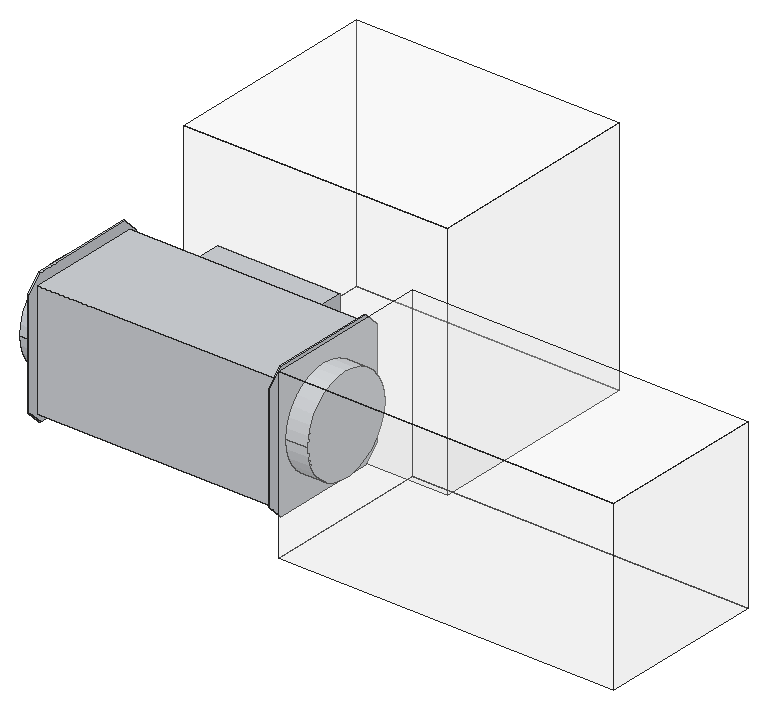
Revit family "140_VAV_変風量ユニット_丸ダクト用", category ダクト付属品, Revit 2020
Family settings
  丸型コネクタ寸法 = 直径を使用
  パーツ タイプ = 割り込み
  OmniClass 番号 = 23.75.70.11.14.14
  OmniClass タイトル = Dampers for Air Ductwork
  作業面ベース = いいえ
  常に垂直 = はい
  ロード時にボイドで切り取り = いいえ
  共有 = いいえ
Parameters (values of type "変風量ユニット_丸ダクト用")
  風量 [instance] = 0.0 m³/h
  風速 = 0.0 m/s
  質量 = 7.00 kg
  製品出荷対象 = ""
  製品リリース年月 = ""
  法定耐用年数 = "15"
  圧力損失 [instance] = 0.0 Pa
  メンテナンススペース [instance] = yes
  メンテ_W [instance] = 700 mm
  メンテ_H [instance] = 350 mm
  メンテ_D [instance] = 350 mm
  VAV長さ [instance] = 550 mm
  既定の高さ = 0 mm
  2D記号 = 記号_変風量ユニット : 1/100
  製品グループ = ""
  耐圧 [instance] = ""
  符号 = "VAV"
  積算_科目 = ""
  積算_拾い区分 [instance] = ""
  built-in parameter 1114242 [instance] = 1
  材質 = ""
  方向2 [instance] = not(方向1)  # no
  方向1 [instance] = yes
  文字 [instance] = ""
  呼称 = "変風量ユニット"
  分類コード = "50059004100020"
  分類グループ = ""
  企業コード = ""
  仕様書バージョン = "Version1.0"
  仕様7 [instance] = ""
  仕様6 [instance] = ""
  仕様5 [instance] = ""
  仕様4 [instance] = ""
  仕様3 [instance] = ""
  仕様2 [instance] = ""
  仕様 [instance] = ""
  ダクト径 [instance] = 200 mm
  本体マテリアル = none
  コメント [instance] = ""
  Width [instance] = 280 mm
  Version = ""
  Uniclass2015Version = "Systems v1.9"
  Uniclass2015Title = "Variable air volume boxes"
  Uniclass2015Code = "Pr_65_65_24_93"
  SpecificationReference = ""
  SpecificationDescription = ""
  Revision = ""
  ProductInformation = ""
  OmniClassCode = "23-33 41 17 13"
  IfcTypeProduct = ""
  IfcProduct = ""
  IfcExportType = "VARIABLEFLOWPRESSUREDEPENDANT"
  IfcExportAs = "IfcAirTerminalBoxType"
  Height [instance] = 280 mm
  Depth = 600 mm
  Author = "Revit User Group Japan"
  2D [instance] = yes
Reference planes
  plane 1 "中心(正面/背面)": y = 0
  plane 2: z = 0
  plane 3 "中心(左/右)": x = 0
  plane 4: y = 140
  plane 5: x = 300
  plane 6: z = 140
  plane 7: z = -140
  plane 8: x = 0
  plane 9: y = -140
  plane 10: x = -300
  plane 11: x = -250
  plane 12: x = 250
  plane 13: y = 120
  plane 14: y = -120
  plane 15: z = 120
  plane 16: z = -120
  plane 17: y = -110
  plane 18: y = 110
  plane 19: z = 110
  plane 20: z = -110
  plane 21: y = -140
Forms (mm)
  Extrusion 1, solid, material <- "本体マテリアル", detail levels medium+fine
    sketch origin (-158.75, 0, 0) x (1, 0, 0) y (0, 1, 0)
      loop
        line (-91.25, 120) -> (-91.25, -120) -> (408.75, -120) -> (408.75, 120) -> (-91.25, 120)
    from -120 to 120
  Extrusion 2, solid, material <- "本体マテリアル", detail levels fine
    sketch origin (0, 0, 0) x (0, 1, 0) y (0, 0, 1)
      loop
        circle (0, 0) r 100
    from -300 to -250
  Extrusion 3, solid, material <- "本体マテリアル", detail levels fine
    sketch origin (0, 0, 0) x (0, 1, 0) y (0, 0, 1)
      loop
        circle (0, 0) r 100
    from 250 to 300
  Extrusion 4, solid, material <- "本体マテリアル", detail levels fine
    sketch origin (0, 0, 0) x (0, 1, 0) y (0, 0, 1)
      loop
        line (110, -140) -> (140, -110) -> (140, 110) -> (110, 140) -> (-110, 140) -> (-140, 110) -> (-140, -110) -> (-110, -140) -> (110, -140)
    from -250 to -252.5
  Extrusion 5, solid, material <- "本体マテリアル", detail levels fine
    sketch origin (0, 0, 0) x (0, 1, 0) y (0, 0, 1)
      loop
        line (110, -140) -> (140, -110) -> (140, 110) -> (110, 140) -> (-110, 140) -> (-140, 110) -> (-140, -110) -> (-110, -140) -> (110, -140)
    from 250 to 252.5
  Extrusion 6, solid
    sketch origin (-11.5, -10, 0) x (1, 0, 0) y (0, 1, 0)
      loop
        line (-168.5, 275) -> (-168.5, 130) -> (86.5, 130) -> (86.5, 275) -> (-168.5, 275)
    from -50 to 50
Lines and regions (mm)
  symbolic lines, visible <- "方向1", detail levels medium+fine
    curve 1: line (-250, 120, 0) -> (250, 0, 0)
    curve 2: line (250, 0, 0) -> (-250, -120, 0)
  symbolic lines, visible <- "方向2", detail levels fine
    curve 3: line (250, 120, 0) -> (-250, 0, 0)
    curve 4: line (-250, 0, 0) -> (250, -120, 0)
  model lines, style "メンテナンススペース", visible <- "メンテナンススペース"
    curve 5: line (-250, 715, 0) -> (300, 265, 0)
    curve 6: line (300, 715, 0) -> (-250, 265, 0)
Dimensions and locks
  equal spacing: plane 6, plane 2, plane 7
  equal spacing: plane 4, plane 1 "中心(正面/背面)", plane 9
  "Width": plane 4 to plane 9
  "Width": plane 7 to plane 6
  equal spacing: plane 10, plane 3 "中心(左/右)", plane 5
  "Depth": plane 10 to plane 5
  locked: plane 12 to plane 5 at 50
  locked: plane 10 to plane 11 at 50
  locked: plane 4 to plane 13 at 20
  locked: plane 9 to plane 14 at 20
  locked: plane 15 to plane 6 at 20
  locked: plane 7 to plane 16 at 20
  locked: plane 4 to plane 18 at 30
  locked: plane 17 to plane 9 at 30
  locked: plane 19 to plane 6 at 30
  locked: plane 7 to plane 20 at 30
  locked: plane 12 to Extrusion 5 at 2.5
  locked: Extrusion 4 to plane 11 at 2.5
  "Height": plane 4 to plane 21
  locked: Extrusion 6 to Extrusion 6 at 255
  "ダクト径": diameter of Extrusion 3 sketch curve
  "ダクト径": diameter of Extrusion 2 sketch curve
  aligned and locked: plane 3 "中心(左/右)" to plane 8
  aligned and locked: Extrusion 2 to plane 10
  aligned and locked: plane 11 to Extrusion 2
  aligned and locked: Extrusion 3 to plane 12
  aligned and locked: Extrusion 1 to plane 15
  aligned and locked: plane 16 to Extrusion 1
  aligned and locked: Extrusion 5 to plane 12
  aligned and locked: Extrusion 4 to plane 11
  aligned and locked: plane 5 to Extrusion 3
  aligned and locked: plane 1 "中心(正面/背面)" to nested 1
  aligned and locked: nested 2 to plane 1 "中心(正面/背面)"
  aligned and locked: nested 2 to plane 8
  aligned and locked: plane 8 to nested 1
  aligned and locked: nested 4 to curve 6
  aligned and locked: curve 6 to nested 4
  aligned and locked: nested 4 to curve 5  (x2)
Automatic sketch dimensions
  curve 1 to plane 11 = 0 mm
  plane 1 "中心(正面/背面)" to curve 4 = 0 mm
  curve 4 to plane 11 = 0 mm
  curve 2 to plane 11 = 0 mm
  curve 4 to plane 12 = 0 mm
  plane 1 "中心(正面/背面)" to curve 1 = 0 mm
  curve 1 to plane 12 = 0 mm
  curve 3 to plane 12 = 0 mm
  curve 5 to plane 5 = 0 mm
  curve 2 to plane 14 = 0 mm
  curve 4 to plane 14 = 0 mm
  curve 1 to plane 13 = 0 mm
  curve 3 to plane 13 = 0 mm
  plane 4 to curve 6 = 125 mm
  curve 5 to curve 6 = 450 mm
  curve 6 to curve 5 = 450 mm
  Extrusion 1 sketch curve to plane 11 = 0 mm
  Extrusion 1 sketch curve to plane 12 = 0 mm
  Extrusion 1 sketch curve to plane 14 = 0 mm
  Extrusion 1 sketch curve to plane 13 = 0 mm
  Extrusion 2 sketch curve to level = 0 mm
  Extrusion 2 sketch curve to plane 1 "中心(正面/背面)" = 0 mm
  Extrusion 3 sketch curve to level = 0 mm
  Extrusion 3 sketch curve to plane 1 "中心(正面/背面)" = 0 mm
  Extrusion 4 sketch curve to plane 9 = 0 mm
  plane 7 to Extrusion 4 sketch curve = 0 mm
  Extrusion 4 sketch curve to plane 17 = 0 mm  (x2)
  plane 6 to Extrusion 4 sketch curve = 0 mm
  Extrusion 4 sketch curve to plane 18 = 0 mm  (x2)
  Extrusion 4 sketch curve to plane 4 = 0 mm
  plane 20 to Extrusion 4 sketch curve = 0 mm  (x2)
  plane 19 to Extrusion 4 sketch curve = 0 mm  (x2)
  Extrusion 5 sketch curve to plane 9 = 0 mm
  plane 7 to Extrusion 5 sketch curve = 0 mm
  Extrusion 5 sketch curve to plane 17 = 0 mm  (x2)
  plane 6 to Extrusion 5 sketch curve = 0 mm
  Extrusion 5 sketch curve to plane 18 = 0 mm  (x2)
  Extrusion 5 sketch curve to plane 4 = 0 mm
  plane 20 to Extrusion 5 sketch curve = 0 mm  (x2)
  plane 19 to Extrusion 5 sketch curve = 0 mm  (x2)
  Extrusion 6 sketch curve to plane 13 = 0 mm
  plane 11 to Extrusion 6 sketch curve = 70 mm
  plane 3 "中心(左/右)" to Extrusion 6 sketch curve = 75 mm
  plane 4 to Extrusion 6 sketch curve = 125 mm
Nested families
  nested 1: "記号_変風量ユニット" at (0, 0, 0), type "1/100", detail levels coarse
  nested 2: "記号_変風量ユニット" at (0, 0, 0) x (-1, 0, 0) z (0, 0, 1), type "1/100", not visible, detail levels coarse
  nested 3: "2D" at (650, 0, 0), visible <- "2D", type "サービススペース"
    with Width 700 mm, Height 350 mm, Depth 350 mm
  nested 4: "メンテナンススペース" at (25, 490, 0), visible <- "メンテナンススペース", type "サービススペース"
    with Width 550 mm, Depth 450 mm
Connectors
  hvac at (300, 0, 0), driven by "ダクト径", driven by "圧力損失", driven by "風量"
    settings: on Extrusion 3, index 3, duct flow 0.0 m³/h, flow factor 0, pres drop 0.0 Pa, loss coef 0, conn angle 0.00°, conn width 304.8 mm, conn height 304.8 mm, conn diameter 200 mm, duct sys type 1, conn prof type 0, flow config 1, flow direction 1, loss method 4, conn ref index 4, conn util no, is conn primary no, conn desc ""
  hvac at (-300, 0, 0), driven by "ダクト径", driven by "圧力損失", driven by "風量"
    settings: on Extrusion 2, index 4, duct flow 0.0 m³/h, flow factor 0, pres drop 0.0 Pa, loss coef 0, conn angle 0.00°, conn width 304.8 mm, conn height 304.8 mm, conn diameter 200 mm, duct sys type 1, conn prof type 0, flow config 1, flow direction 2, loss method 4, conn ref index 3, conn util no, is conn primary yes, conn desc ""
Definition of nested family "2D"
  Parameters (values of type "サービススペース")
    Default Elevation = 0 mm
    Width = 500 mm
    Height = 500 mm
    Depth = 500 mm
  Reference planes
    plane 1 "中心(正面/背面)": y = 0
    plane 2: z = 0
    plane 3 "中心(左/右)": x = 0
    plane 4: y = -250
    plane 5: x = 250
    plane 6: y = 250
    plane 7: x = -250
    plane 8: z = 250
    plane 9: z = -250
  Forms (mm)
    Extrusion 1, solid
      sketch origin (-638.939, 0, 72.39) x (1, 0, 0) y (0, 1, 0)
        loop
          line (388.939, 250) -> (388.939, -250) -> (888.939, -250) -> (888.939, 250) -> (388.939, 250)
      from -322.39 to 177.61
  Lines and regions (mm)
    symbolic lines
      curve 1: line (-250, 0, 250) -> (250, 0, 250)
      curve 2: line (-250, 0, -250) -> (-250, 0, 250)
      curve 3: line (250, 0, -250) -> (-250, 0, -250)
      curve 4: line (250, 0, 250) -> (250, 0, -250)
      curve 5: line (0, -250, 250) -> (0, 250, 250)
      curve 6: line (0, -250, -250) -> (0, -250, 250)
      curve 7: line (0, 250, -250) -> (0, -250, -250)
      curve 8: line (0, 250, 250) -> (0, 250, -250)
      curve 9: line (-250, 250, 0) -> (250, 250, 0)
      curve 10: line (-250, -250, 0) -> (-250, 250, 0)
      curve 11: line (250, -250, 0) -> (-250, -250, 0)
      curve 12: line (250, 250, 0) -> (250, -250, 0)
  Dimensions and locks
    equal spacing: plane 7, plane 3 "中心(左/右)", plane 5
    equal spacing: plane 4, plane 1 "中心(正面/背面)", plane 6
    "Depth": plane 4 to plane 6
    "Width": plane 7 to plane 5
    equal spacing: plane 8, plane 2, plane 9
    "Height": plane 8 to plane 9
    aligned and locked: plane 9 to curve 3
    aligned and locked: plane 7 to curve 2
    aligned and locked: curve 4 to plane 5
    aligned and locked: plane 5 to Extrusion 1
    aligned and locked: Extrusion 1 to plane 7
    aligned and locked: Extrusion 1 to plane 9
    aligned and locked: plane 8 to Extrusion 1
    aligned and locked: plane 9 to curve 7
  Automatic sketch dimensions
    plane 4 to Extrusion 1 sketch curve = 0 mm
    Extrusion 1 sketch curve to plane 7 = 0 mm
    Extrusion 1 sketch curve to plane 5 = 0 mm
    plane 6 to Extrusion 1 sketch curve = 0 mm
    curve 2 to plane 8 = 0 mm
    plane 4 to curve 11 = 0 mm
    curve 11 to plane 7 = 0 mm
    curve 11 to plane 5 = 0 mm
    plane 6 to curve 10 = 0 mm
    curve 7 to plane 4 = 0 mm
    curve 7 to plane 6 = 0 mm
    curve 6 to plane 8 = 0 mm
Definition of nested family "メンテナンススペース"
  Parameters (values of type "サービススペース")
    Default Elevation = 0 mm
    Width = 500 mm
    Height = 500 mm
    Depth = 500 mm
  Reference planes
    plane 1 "中心(正面/背面)": y = 0
    plane 2: z = 0
    plane 3 "中心(左/右)": x = 0
    plane 4: y = -250
    plane 5: x = 250
    plane 6: y = 250
    plane 7: x = -250
    plane 8: z = 250
    plane 9: z = -250
  Forms (mm)
    Extrusion 1, solid
      sketch origin (-638.939, 0, 72.39) x (1, 0, 0) y (0, 1, 0)
        loop
          line (388.939, 250) -> (388.939, -250) -> (888.939, -250) -> (888.939, 250) -> (388.939, 250)
      from -322.39 to 177.61
  Lines and regions (mm)
    symbolic lines
      curve 1: line (-250, 0, 250) -> (250, 0, 250)
      curve 2: line (-250, 0, -250) -> (-250, 0, 250)
      curve 3: line (250, 0, -250) -> (-250, 0, -250)
      curve 4: line (250, 0, 250) -> (250, 0, -250)
      curve 5: line (0, -250, 250) -> (0, 250, 250)
      curve 6: line (0, -250, -250) -> (0, -250, 250)
      curve 7: line (0, 250, -250) -> (0, -250, -250)
      curve 8: line (0, 250, 250) -> (0, 250, -250)
      curve 9: line (-250, 250, 0) -> (250, 250, 0)
      curve 10: line (-250, -250, 0) -> (-250, 250, 0)
      curve 11: line (250, -250, 0) -> (-250, -250, 0)
      curve 12: line (250, 250, 0) -> (250, -250, 0)
  Dimensions and locks
    equal spacing: plane 7, plane 3 "中心(左/右)", plane 5
    equal spacing: plane 4, plane 1 "中心(正面/背面)", plane 6
    "Depth": plane 4 to plane 6
    "Width": plane 7 to plane 5
    equal spacing: plane 8, plane 2, plane 9
    "Height": plane 8 to plane 9
    aligned and locked: plane 9 to curve 3
    aligned and locked: plane 7 to curve 2
    aligned and locked: curve 4 to plane 5
    aligned and locked: plane 5 to Extrusion 1
    aligned and locked: Extrusion 1 to plane 7
    aligned and locked: Extrusion 1 to plane 9
    aligned and locked: plane 8 to Extrusion 1
    aligned and locked: plane 9 to curve 7
  Automatic sketch dimensions
    plane 4 to Extrusion 1 sketch curve = 0 mm
    Extrusion 1 sketch curve to plane 7 = 0 mm
    Extrusion 1 sketch curve to plane 5 = 0 mm
    plane 6 to Extrusion 1 sketch curve = 0 mm
    curve 2 to plane 8 = 0 mm
    plane 4 to curve 11 = 0 mm
    curve 11 to plane 7 = 0 mm
    curve 11 to plane 5 = 0 mm
    plane 6 to curve 10 = 0 mm
    curve 7 to plane 4 = 0 mm
    curve 7 to plane 6 = 0 mm
    curve 6 to plane 8 = 0 mm
Definition of nested family "記号_変風量ユニット"
  Parameters
    倍率 = 1
    W = 5 mm * 倍率  # 5 mm
    D = 3 mm * 倍率  # 3 mm
  Reference planes
    plane 1: y = 0
    plane 2: x = 0
  Lines and regions (mm)
    Filled region 1, type "塗り潰し領域"
      outline origin (0, 0, 0) x (1, 0, 0) y (0, 1, 0)
        loop
          line (-2.5, -1.5) -> (2.5, 0) -> (-2.5, 1.5) -> (-2.5, -1.5)
    detail lines
      curve 1: line (-2.5, 1.5, 0) -> (2.5, 1.5, 0)
      curve 2: line (-2.5, -1.5, 0) -> (-2.5, 1.5, 0)
      curve 3: line (2.5, -1.5, 0) -> (-2.5, -1.5, 0)
      curve 4: line (2.5, 1.5, 0) -> (2.5, -1.5, 0)
      curve 5: line (-2.5, 1.5, 0) -> (2.5, 0, 0)
      curve 6: line (-2.5, -1.5, 0) -> (2.5, 0, 0)
    reference lines
      curve 7: line (-2.5, -4.77, 0) -> (-2.5, 4.892, 0)
      curve 8: line (2.5, 4.892, 0) -> (2.5, -4.77, 0)
      curve 9: line (-4.482, 1.5, 0) -> (4.48, 1.5, 0)
      curve 10: line (4.48, -1.5, 0) -> (-4.482, -1.5, 0)
  Dimensions and locks
    equal spacing: curve 10, plane 1, curve 9
    "D": curve 9 to curve 10
    equal spacing: curve 7, plane 2, curve 8
    "W": curve 7 to curve 8
    aligned and locked: curve 9 to curve 1
    aligned and locked: curve 10 to curve 3
    aligned and locked: curve 7 to curve 2
    aligned and locked: curve 8 to curve 4
    aligned and locked: curve 2 to Filled region 1 sketch curve
    aligned and locked: Filled region 1 sketch curve to curve 5
    aligned and locked: Filled region 1 sketch curve to curve 6
  Automatic sketch dimensions
    plane 1 to curve 5 = 0 mm
    curve 9 to curve 7 = 1.982 mm
    curve 10 to curve 9 = 0 mm
    curve 8 to curve 10 = 1.98 mm
    curve 9 to curve 10 = 0 mm
    curve 7 to curve 10 = 3.27 mm
    curve 8 to curve 10 = 3.27 mm
    curve 9 to curve 8 = 3.392 mm
    curve 9 to curve 7 = 3.392 mm
